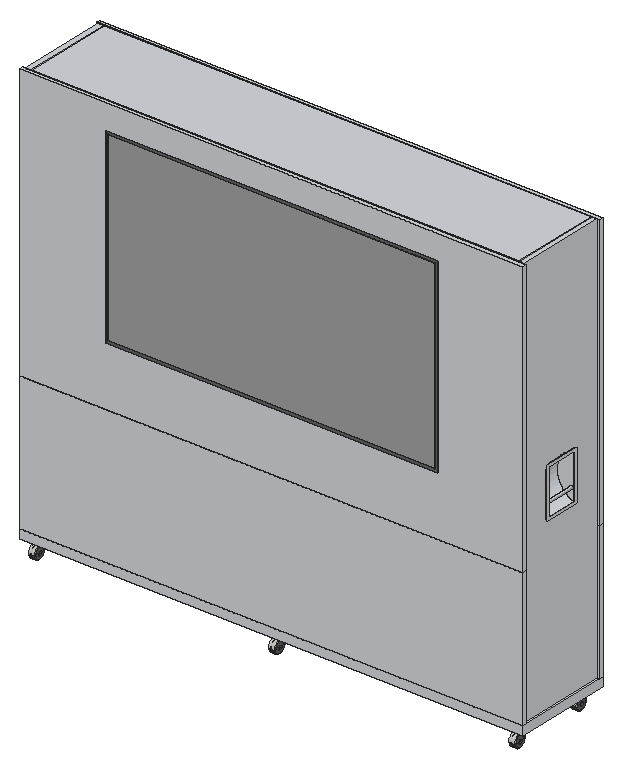
Revit family "AV Divider 1200", category Generic Models, Revit 2023
Family settings
  Can host rebar = No
  Round Connector Dimension = Use Diameter
  Part Type = Normal
  Work Plane-Based = No
  Always vertical = Yes
  Cut with Voids When Loaded = No
  Maintain Annotation Orientation = No
  Shared = No
  Room Calculation Point = No
Parameters (values of type "ThinkingWall® AV Divider")
  URL = "https://www.logovisual.com/product/whiteboards/thinkingwall/dividers/thinkingwall-av-divider/"
  TV Width = 1450 mm
  TV Position Top = 110 mm
  TV Position = 1100 mm
  TV Height = 830 mm
  Model = "ThinkingWall® AV Divider"
  Manufacturer = "Logovisual LTD"
  End Panel Colours = none
  Description = "Double sided mobile whiteboard wall with large screen and connecting AV equipment. Part of the ThinkingWall® range for flexible breakout and meeting spaces."
  Default Elevation = 0 mm
Reference planes
  plane 1 "Center (Front/Back)": y = 0
  plane 2: z = 0
  plane 3 "Center (Left/Right)": x = 0
  plane 4: y = 217.5
  plane 5: x = 2200
  plane 6: y = -217.5
  plane 7: x = 1100
  plane 8: z = 71.5
  plane 9 "a": z = 111.5
  plane 10: z = 1911.5
  plane 11: y = 200
  plane 12: y = -200
  plane 13: x = 60
  plane 14: x = 2166
  plane 15: z = 711.5
  plane 16: x = 10
  plane 17: x = 2190
  plane 18: z = 1893.5
  plane 19: z = 850
  plane 20: z = 1801.5
  plane 21: y = 130
  plane 22: y = -130
  plane 23: x = 375
  plane 24: x = 1825
  plane 25: z = 971.5
  plane 26: z = 1055
  plane 27: z = 1117.252
  plane 28: z = 657.252
  plane 29: x = 1100
  plane 30: x = 34
Forms (mm)
  Extrusion 1, solid
    sketch origin (-511.407, -1524, 71.5) x (-1, 0, 0) y (0, -1, 0)
      loop
        line (-511.407, -1741.5) -> (-511.407, -1306.5) -> (-2711.407, -1306.5) -> (-2711.407, -1741.5) -> (-511.407, -1741.5)
    from 0 to 40
  Extrusion 2, solid
    sketch origin (-511.407, -1524, 111.5) x (-1, 0, 0) y (0, -1, 0)
      loop
        line (-511.407, -1741.5) -> (-511.407, -1724) -> (-2711.407, -1724) -> (-2711.407, -1741.5) -> (-511.407, -1741.5)
    from 0 to 600
  Extrusion 3, solid, material <- "End Panel Colours"
    sketch origin (-511.407, -1524, 111.5) x (-1, 0, 0) y (0, -1, 0)
      loop
        line (-521.407, -1724) -> (-521.407, -1324) -> (-545.407, -1324) -> (-545.407, -1724) -> (-521.407, -1724)
    from 0 to 1800
  Extrusion 4, solid, material <- "End Panel Colours"
    sketch origin (-511.407, -1524, 111.5) x (-1, 0, 0) y (0, -1, 0)
      loop
        line (-2701.407, -1724) -> (-2677.407, -1724) -> (-2677.407, -1324) -> (-2701.407, -1324) -> (-2701.407, -1724)
    from 0 to 1800
  Extrusion 5, solid
    sketch origin (-511.407, -1524, 111.5) x (-1, 0, 0) y (0, -1, 0)
      loop
        line (-511.407, -1324) -> (-511.407, -1306.5) -> (-2711.407, -1306.5) -> (-2711.407, -1324) -> (-511.407, -1324)
    from 0 to 600
  Extrusion 6, solid
    sketch origin (-511.407, -1524, 711.5) x (-1, 0, 0) y (0, -1, 0)
      loop
        line (-511.407, -1741.5) -> (-511.407, -1724) -> (-2711.407, -1724) -> (-2711.407, -1741.5) -> (-511.407, -1741.5)
    from 0 to 1200
  Extrusion 7, solid
    sketch origin (-511.407, 1524, 711.5) x (-1, 0, 0) y (0, -1, 0)
      loop
        line (-511.407, 1741.5) -> (-2711.407, 1741.5) -> (-2711.407, 1724) -> (-511.407, 1724) -> (-511.407, 1741.5)
    from 0 to 1200
  Extrusion 8, solid
    sketch origin (-511.407, -1524, 111.5) x (-1, 0, 0) y (0, -1, 0)
      loop
        line (-545.407, -1724) -> (-545.407, -1324) -> (-2677.407, -1324) -> (-2677.407, -1724) -> (-545.407, -1724)
    from 1782 to 1800
  Extrusion 9, void
    sketch origin (0, 0, 0) x (0, 1, 0) y (0, 0, 1)
      loop
        line (130, 1117.252) -> (-130, 1117.252) -> (-130, 657.252) -> (130, 657.252) -> (130, 1117.252)
    from 10 to 108.105
  Extrusion 10, void
    sketch origin (2190, 448.47, 1200) x (0, -1, 0) y (0, 0, -1)
      loop
        line (529.97, 140) -> (529.97, 350) -> (366.97, 350) -> (366.97, 140) -> (529.97, 140)
    from 0 to -200
  Extrusion 11, void
    sketch origin (-1733.033, -217.5, 1200) x (1, 0, 0) y (0, 0, -1)
      loop
        line (2108.033, -601.5) -> (3558.033, -601.5) -> (3558.033, 228.5) -> (2108.033, 228.5) -> (2108.033, -601.5)
    from 0 to 100
Cuts and joins
  Extrusion 9, Extrusion 10 cuts Extrusion 3
  Extrusion 10 cuts Extrusion 4
  Extrusion 11 cuts Extrusion 7
Dimensions and locks
  equal spacing: plane 4, plane 1 "Center (Front/Back)", plane 6
  plane 4 to plane 6 = 435 mm
  plane 3 "Center (Left/Right)" to plane 5 = 2200 mm
  locked: plane 3 "Center (Left/Right)" to nested 1 at 50
  locked: plane 4 to nested 1 at 50
  equal spacing: plane 3 "Center (Left/Right)", plane 7, plane 5
  locked: plane 4 to nested 2 at 50
  locked: nested 2 to plane 5 at 50
  locked: nested 4 to plane 5 at 50
  locked: plane 3 "Center (Left/Right)" to nested 3 at 50
  locked: plane 6 to nested 3 at 50
  locked: plane 6 to nested 4 at 50
  locked: plane 8 to level at 71.5
  plane 9 "a" to plane 8 = 40 mm
  plane 10 to level = 1911.5 mm
  locked: plane 4 to plane 11 at 17.5
  locked: plane 6 to plane 12 at 17.5
  locked: plane 16 to plane 13 at 50
  locked: plane 14 to plane 17 at 24
  plane 15 to plane 9 "a" = 600 mm
  locked: plane 3 "Center (Left/Right)" to plane 16 at 10
  locked: plane 17 to plane 5 at 10
  locked: plane 10 to plane 18 at 18
  locked: plane 4 to nested 5 at 50
  locked: plane 6 to nested 6 at 50
  locked: plane 19 to level at 850
  "TV Position Top": plane 10 to plane 20
  plane 26 to level = 1055 mm
  equal spacing: plane 21, plane 1 "Center (Front/Back)", plane 22
  plane 21 to plane 22 = 260 mm
  locked: nested 10 to plane 8 at 70
  plane 10 to plane 15 = 1200 mm
  "TV Height": plane 20 to plane 25
  equal spacing: plane 23, plane 29, plane 24
  "TV Width": plane 23 to plane 24
  plane 27 to plane 26 to plane 28 = 62.252 mm locked, 397.748 mm locked
  "TV Position": plane 29 to plane 3 "Center (Left/Right)"
  locked: plane 16 to plane 30 at 24
  aligned and locked: level to plane 2
  aligned and locked: Extrusion 1 sketch curve to plane 4
  aligned and locked: plane 3 "Center (Left/Right)" to Extrusion 1 sketch curve
  aligned and locked: Extrusion 1 sketch curve to plane 6
  aligned and locked: Extrusion 1 sketch curve to plane 5
  aligned and locked: Extrusion 1 to plane 8
  aligned and locked: Extrusion 1 to plane 9 "a"
  aligned and locked: Extrusion 2 sketch curve to plane 4
  aligned and locked: plane 3 "Center (Left/Right)" to Extrusion 2 sketch curve
  aligned and locked: Extrusion 2 sketch curve to plane 5
  aligned and locked: Extrusion 2 sketch curve to plane 11
  aligned and locked: Extrusion 2 to Extrusion 3 sketch curve
  aligned and locked: Extrusion 4 sketch curve to Extrusion 2
  aligned and locked: plane 12 to Extrusion 4 sketch curve
  aligned and locked: plane 14 to Extrusion 4 sketch curve
  aligned and locked: plane 12 to Extrusion 5 sketch curve
  aligned and locked: Extrusion 5 sketch curve to Extrusion 1  (x2)
  aligned and locked: plane 15 to Extrusion 2
  aligned and locked: plane 12 to Extrusion 3
  aligned and locked: Extrusion 5 to plane 3 "Center (Left/Right)"
  aligned and locked: Extrusion 4 to plane 17
  aligned and locked: Extrusion 6 sketch curve to Extrusion 1  (x2)
  aligned and locked: Extrusion 6 sketch curve to plane 11
  aligned and locked: Extrusion 6 sketch curve to plane 5
  aligned and locked: Extrusion 6 to plane 15
  aligned and locked: plane 10 to Extrusion 6
  aligned and locked: Extrusion 7 sketch curve to plane 12
  aligned and locked: plane 6 to Extrusion 7 sketch curve
  aligned and locked: Extrusion 7 sketch curve to plane 3 "Center (Left/Right)"
  aligned and locked: plane 5 to Extrusion 7 sketch curve
  aligned and locked: Extrusion 3 to Extrusion 8 sketch curve
  aligned and locked: Extrusion 8 sketch curve to Extrusion 4  (x2)
  aligned and locked: Extrusion 8 to plane 18
  aligned and locked: plane 10 to Extrusion 8
  aligned and locked: plane 7 to nested 6
  aligned and locked: plane 7 to nested 5
  aligned and locked: plane 10 to Extrusion 7
  aligned and locked: plane 10 to Extrusion 3
  aligned and locked: plane 10 to Extrusion 4
  aligned and locked: Extrusion 3 to Extrusion 9
  aligned and locked: nested 7 to plane 19
  aligned and locked: nested 7 to plane 1 "Center (Front/Back)"
  aligned and locked: Extrusion 10 to plane 17
  aligned and locked: plane 17 to nested 7
  aligned and locked: plane 6 to nested 8
  aligned and locked: plane 20 to nested 8
  aligned and locked: Extrusion 11 sketch curve to nested 8  (x2)
  aligned and locked: Extrusion 11 sketch curve to plane 20
  aligned and locked: plane 22 to Extrusion 9 sketch curve
  aligned and locked: plane 21 to Extrusion 9 sketch curve
  aligned and locked: plane 19 to Extrusion 10 sketch curve
  aligned and locked: Extrusion 10 sketch curve to nested 7
  aligned and locked: plane 1 "Center (Front/Back)" to nested 9
  aligned and locked: plane 1 "Center (Front/Back)" to nested 10
  aligned and locked: nested 10 to plane 3 "Center (Left/Right)"
  aligned and locked: plane 15 to Extrusion 5
  aligned and locked: plane 26 to nested 9
  aligned and locked: plane 28 to cut or joined group of Extrusion 3, Extrusion 9, Extrusion 10
  aligned and locked: plane 27 to cut or joined group of Extrusion 3, Extrusion 9, Extrusion 10
  aligned and locked: plane 29 to nested 8
  aligned and locked: Extrusion 11 sketch curve to plane 24
  aligned and locked: Extrusion 3 sketch curve to plane 30
  aligned and locked: plane 30 to Extrusion 8 sketch curve
Automatic sketch dimensions
  plane 12 to Extrusion 3 sketch curve = 0 mm
  Extrusion 3 sketch curve to plane 16 = 0 mm
  Extrusion 4 sketch curve to plane 17 = 0 mm
  Extrusion 5 sketch curve to plane 3 "Center (Left/Right)" = 0 mm
  plane 1 "Center (Front/Back)" to Extrusion 10 sketch curve = 81.5 mm
  Extrusion 10 sketch curve to plane 1 "Center (Front/Back)" = 81.5 mm
  Extrusion 9 sketch curve to plane 15 = 54.248 mm
  Extrusion 9 sketch curve to plane 26 = 62.252 mm
Nested families
  nested 1: "50mm_Caster_Wheel 2" at (50, 167.5, 0) x (0, 1, 0) z (0, 0, 1), type "50mm_Caster_Wheel 2"
  nested 2: "50mm_Caster_Wheel 2" at (2150, 167.5, 0) x (0, 1, 0) z (0, 0, 1), type "50mm_Caster_Wheel 2"
  nested 3: "50mm_Caster_Wheel 2" at (50, -167.5, 0) x (0, 1, 0) z (0, 0, 1), type "50mm_Caster_Wheel 2"
  nested 4: "50mm_Caster_Wheel 2" at (2150, -167.5, 0) x (0, 1, 0) z (0, 0, 1), type "50mm_Caster_Wheel 2"
  nested 5: "50mm_Caster_Wheel 2" at (1100, 167.5, 0) x (0, 1, 0) z (0, 0, 1), type "50mm_Caster_Wheel 2"
  nested 6: "50mm_Caster_Wheel 2" at (1100, -167.5, 0) x (0, 1, 0) z (0, 0, 1), type "50mm_Caster_Wheel 2"
  nested 7: "handle" at (2190, 0, 850) x (0, -1, 0) z (0, 0, 1), type "handle"
  nested 8: "TV" at (1100, -207.5, 971.5), type "TV"
    with Width 1450 mm, Height 830 mm
  nested 9: "AV" at (60, 0, 657.252) x (0, -1, 0) z (0, 0, 1), type "AV"
  nested 10: "Weiland Power Input" at (0, 0, 141.5) x (0, -1, 0) z (0, 0, 1), type "Weiland Power Input"
Definition of nested family "50mm_Caster_Wheel 2"
  Parameters (values of type "50mm_Caster_Wheel 2")
    Default Elevation = 0 mm
  Reference planes
    plane 1 "Center (Front/Back)": y = 0
    plane 2: z = 0
    plane 3 "Center (Left/Right)": x = 0
    plane 4 "VWhlCntr": x = -22
    plane 5 "WhlCntr": z = 25
    plane 6: z = 56.73
    plane 7: z = 55.23
  Forms (mm)
    Revolve 1, solid
      sketch origin (0, 0, 25) x (-1, 0, 0) y (0, -1, 0)
        loop
          line (45.5, 13.5) -> (29.872, 13.5) -> (30.032, 14.411)
          arc (30.032, 14.411) -> (29.873, 15.004) -> (29.317, 15.263) r 0.727
          line (29.317, 15.263) -> (22, 15.263) -> (22, 4.169) -> (47, 4.169) -> (47, 12)
          arc (47, 12) -> (46.561, 13.061) -> (45.5, 13.5) r 1.5
        loop
          arc (45.5, -13.5) -> (46.561, -13.061) -> (47, -12) r 1.5
          line (47, -12) -> (47, -4.169) -> (22, -4.169) -> (22, -15.263) -> (29.317, -15.263)
          arc (29.317, -15.263) -> (29.873, -15.004) -> (30.032, -14.411) r 0.727
          line (30.032, -14.411) -> (29.872, -13.5) -> (45.5, -13.5)
        axis (22, 15.263) -> (22, -15.263)
      angle from 0 to 360
    Revolve 2, solid
      sketch origin (0, 0, 25) x (-1, 0, 0) y (0, -1, 0)
        loop
          line (22, 3.174) -> (33.047, 3.174)
          arc (33.047, 3.174) -> (32.755, 3.878) -> (32.052, 4.169) r 0.995
          line (32.052, 4.169) -> (22, 4.169) -> (22, 3.174)
        loop
          line (22, -3.174) -> (22, -4.169) -> (32.052, -4.169)
          arc (32.052, -4.169) -> (32.755, -3.878) -> (33.047, -3.174) r 0.995
          line (33.047, -3.174) -> (22, -3.174)
        axis (22, 4.169) -> (22, -4.169)
      angle from 0 to 360
    Revolve 3, solid
      sketch origin (0, 0, 0) x (1, 0, 0) y (0, 0, 1)
        loop
          line (0, 60) -> (21.525, 60) -> (21.525, 62.198)
          arc (21.525, 62.198) -> (20.577, 63.345) -> (19.43, 64.292) r 7.866
          arc (19.43, 64.292) -> (16.996, 68.264) -> (12.416, 67.416) r 4.113
          line (12.416, 67.416) -> (10, 65) -> (10, 70) -> (0, 70) -> (0, 60)
        axis (0, 60) -> (0, 70)
      angle from 0 to 360
    Extrusion 4, solid
      sketch origin (0, 0, 0) x (1, 0, 0) y (0, 0, 1)
        loop
          circle (-22, 25) r 2.964
      from -12.5 to 12.5
    Extrusion 5, solid
      sketch origin (0, 0, 70) x (1, 0, 0) y (0, 1, 0)
        loop
          line (-25, 25) -> (-25, -25) -> (25, -25) -> (25, 25) -> (-25, 25)
      from 0 to 1.5
    Extrusion 6, solid
      sketch origin (0, 0, 0) x (1, 0, 0) y (0, 0, 1)
        loop
          line (-49.398, 25.312) -> (-47.348, 25.312)
          arc (-47.348, 25.312) -> (-22.059, 50.601) -> (3.229, 25.313) r 25.288
          line (3.229, 25.313) -> (5.279, 25.313)
          arc (5.279, 25.313) -> (-22.059, 52.651) -> (-49.398, 25.312) r 27.339
      from -13.5 to 13.5
    Extrusion 7, solid
      sketch origin (0, 0, 0) x (1, 0, 0) y (0, 0, 1)
        loop
          arc (-22.059, 52.651) -> (-2.728, 44.644) -> (5.279, 25.312) r 27.339
          line (5.279, 25.312) -> (5.279, 60) -> (-22.059, 60) -> (-22.059, 52.651)
      from -13.5 to 13.5
  Dimensions and locks
    plane 3 "Center (Left/Right)" to plane 4 "VWhlCntr" = 22 mm
    Revolve 3 to level = 70 mm
    Revolve 3 to plane 2 = 70 mm
    diameter of Revolve 1 = 50 mm
    aligned and locked: level to plane 2
Definition of nested family "handle"
  Parameters (values of type "handle")
    Handle Material = none
    Default Elevation = 0 mm
  Reference planes
    plane 1 "Center (Front/Back)": y = 0
    plane 2: z = 0
    plane 3 "Center (Left/Right)": x = 0
    plane 4: z = 220
    plane 5: x = -81.5
    plane 6: x = 81.5
    plane 7: x = -71.5
    plane 8: z = 210
    plane 9: z = 10
    plane 10: z = 110
    plane 11: x = 71.5
    plane 12: z = 62
  Forms (mm)
    Extrusion 1, solid, material <- "Handle Material"
      sketch origin (0, 0, 0) x (1, 0, 0) y (0, 0, 1)
        loop
          arc (-74.5, 220) -> (-79.45, 217.95) -> (-81.5, 213) r 7
          line (-81.5, 213) -> (-81.5, 7)
          arc (-81.5, 7) -> (-79.45, 2.05) -> (-74.5, 0) r 7
          line (-74.5, 0) -> (74.5, 0)
          arc (74.5, 0) -> (79.45, 2.05) -> (81.5, 7) r 7
          line (81.5, 7) -> (81.5, 213)
          arc (81.5, 213) -> (79.45, 217.95) -> (74.5, 220) r 7
          line (74.5, 220) -> (-74.5, 220)
        loop
          line (-71.5, 210) -> (-71.5, 10) -> (71.5, 10) -> (71.5, 210) -> (-71.5, 210)
      from 0 to 5
    Extrusion 2, solid, material <- "Handle Material"
      sketch origin (0, 0, 0) x (0, 1, 0) y (0, 0, 1)
        loop
          arc (0, 210) -> (73.091, 110) -> (0, 10) r 104.953
          line (0, 10) -> (0, 0.472) -> (3.036, 0.472)
          arc (3.036, 0.472) -> (83.091, 110) -> (3.036, 219.528) r 114.953
          line (3.036, 219.528) -> (0, 219.528) -> (0, 210)
      from -71.5 to 71.5
    Extrusion 3, solid, material <- "Handle Material"
      sketch origin (-71.5, -1524, 343.23) x (0, 0, 1) y (0, -1, 0)
        loop
          line (-133.23, -1524) -> (-333.23, -1524)
          arc (-333.23, -1524) -> (-233.23, -1597.091) -> (-133.23, -1524) r 104.953
      from -10 to 0
    Extrusion 4, solid, material <- "Handle Material"
      sketch origin (71.5, -1524, 343.23) x (0, 0, 1) y (0, 1, 0)
        loop
          arc (-133.23, 1524) -> (-233.23, 1597.091) -> (-333.23, 1524) r 104.953
          line (-333.23, 1524) -> (-133.23, 1524)
      from -10 to 0
    Sweep 5, solid, material <- "Handle Material"
      path origin (0, 0, 0) x (1, 0, 0) y (0, 0, 1)
        loop
          line (-71.5, 62) -> (71.5, 62)
      profile origin (0, 0, 62) x (0, 0, 1) y (0, -1, 0)
        loop
          circle (0, -7.974) r 5
  Dimensions and locks
    equal spacing: plane 5, plane 3 "Center (Left/Right)", plane 6
    locked: plane 6 to plane 5 at 163
    locked: plane 4 to level at 220
    equal spacing: plane 4, plane 10, level
    locked: plane 4 to plane 8 at 10
    locked: plane 9 to level at 10
    locked: plane 7 to plane 5 at 10
    locked: plane 11 to plane 6 at 10
    plane 12 to level = 62 mm
    radius of Extrusion 1 sketch curve = 7 mm  (x4)
    aligned and locked: level to plane 2
    aligned and locked: Extrusion 1 sketch curve to plane 4
    aligned and locked: plane 5 to Extrusion 1 sketch curve
    aligned and locked: plane 2 to Extrusion 1 sketch curve
    aligned and locked: plane 6 to Extrusion 1 sketch curve
    aligned and locked: Extrusion 1 sketch curve to plane 8
    aligned and locked: plane 7 to Extrusion 1 sketch curve
    aligned and locked: plane 9 to Extrusion 1 sketch curve
    aligned and locked: plane 11 to Extrusion 1 sketch curve
    aligned and locked: Extrusion 2 to plane 7
    aligned and locked: Extrusion 2 to plane 11
    aligned and locked: plane 7 to Extrusion 3
    aligned and locked: Extrusion 3 to plane 5
    aligned and locked: plane 11 to Extrusion 4
    aligned and locked: Extrusion 4 to plane 6
    aligned and locked: Sweep 5 sketch curve to plane 12
    aligned and locked: plane 7 to Sweep 5 sketch curve
    aligned and locked: plane 11 to Sweep 5 sketch curve
  Automatic sketch dimensions
    Extrusion 2 sketch curve to Extrusion 2 sketch curve = 0 mm  (x2)
    Extrusion 2 sketch curve to plane 10 = 0 mm
    Extrusion 2 sketch curve to plane 1 "Center (Front/Back)" = 0 mm  (x2)
    Extrusion 2 sketch curve to plane 9 = 0 mm
    plane 1 "Center (Front/Back)" to Extrusion 2 sketch curve = 31.863 mm
    Extrusion 2 sketch curve to plane 4 = 0.472 mm
    Extrusion 2 sketch curve to plane 1 "Center (Front/Back)" = 3.036 mm
    level to Extrusion 2 sketch curve = 0.472 mm
    Extrusion 3 sketch curve to plane 1 "Center (Front/Back)" = 0 mm
    Extrusion 3 sketch curve to plane 9 = 0 mm
    Extrusion 3 sketch curve to plane 10 = 0 mm
    plane 1 "Center (Front/Back)" to Extrusion 3 sketch curve = 31.863 mm
    Extrusion 4 sketch curve to plane 1 "Center (Front/Back)" = 0 mm
    Extrusion 4 sketch curve to plane 9 = 0 mm
    Extrusion 4 sketch curve to plane 10 = 0 mm
    plane 1 "Center (Front/Back)" to Extrusion 4 sketch curve = 31.863 mm
    Sweep 5 sketch curve to plane 1 "Center (Front/Back)" = 7.974 mm
    profile plane to Sweep 5 sketch curve = 0 mm
    radius of Sweep 5 sketch curve = 5 mm
Definition of nested family "TV"
  Parameters (values of type "TV")
    Width = 965 mm
    Screen = none
    Height = 565 mm
    Depth = 10 mm
    Default Elevation = 0 mm
    Boarder = 10 mm
  Reference planes
    plane 1 "Center (Front/Back)": y = 0
    plane 2: z = 0
    plane 3 "Center (Left/Right)": x = 0
    plane 4: x = -482.5
    plane 5: x = 482.5
    plane 6: z = 565
    plane 7: z = 555
    plane 8: x = -472.5
    plane 9: x = 472.5
    plane 10: z = 10
    plane 11: y = -5
    plane 12: y = -10
    plane 13: z = 282.5
  Forms (mm)
    Extrusion 1, solid
      sketch origin (0, 0, 0) x (1, 0, 0) y (0, 0, 1)
        loop
          line (-482.5, 565) -> (-482.5, 0) -> (482.5, 0) -> (482.5, 565) -> (-482.5, 565)
        loop
          line (-472.5, 555) -> (-472.5, 10) -> (472.5, 10) -> (472.5, 555) -> (-472.5, 555)
      from 0 to 10
    Extrusion 2, solid
      sketch origin (0, 0, 0) x (1, 0, 0) y (0, 0, 1)
        loop
          line (-472.5, 555) -> (-472.5, 10) -> (472.5, 10) -> (472.5, 555) -> (-472.5, 555)
      from 0 to 5
    Extrusion 3, solid, material <- "Screen"
      sketch origin (0, 0, 0) x (1, 0, 0) y (0, 0, 1)
        loop
          line (-472.5, 555) -> (-472.5, 10) -> (472.5, 10) -> (472.5, 555) -> (-472.5, 555)
      from 5 to 10
  Dimensions and locks
    equal spacing: plane 5, plane 3 "Center (Left/Right)", plane 4
    "Width": plane 5 to plane 4
    "Height": plane 6 to level
    "Boarder": plane 8 to plane 4
    "Boarder": plane 5 to plane 9
    "Boarder": plane 6 to plane 7
    "Boarder": plane 10 to level
    equal spacing: plane 6, plane 13, level
    equal spacing: plane 1 "Center (Front/Back)", plane 11, plane 12
    "Depth": plane 1 "Center (Front/Back)" to plane 12
    aligned and locked: level to plane 2
    aligned and locked: Extrusion 1 sketch curve to plane 6
    aligned and locked: plane 4 to Extrusion 1 sketch curve
    aligned and locked: plane 2 to Extrusion 1 sketch curve
    aligned and locked: Extrusion 1 sketch curve to plane 5
    aligned and locked: Extrusion 1 sketch curve to plane 7
    aligned and locked: plane 8 to Extrusion 1 sketch curve
    aligned and locked: plane 10 to Extrusion 1 sketch curve
    aligned and locked: Extrusion 1 sketch curve to plane 9
    aligned and locked: Extrusion 2 sketch curve to Extrusion 1  (x4)
    aligned and locked: Extrusion 2 to plane 11
    aligned and locked: Extrusion 2 to plane 1 "Center (Front/Back)"
    aligned and locked: Extrusion 3 sketch curve to Extrusion 2  (x4)
    aligned and locked: plane 11 to Extrusion 3
    aligned and locked: Extrusion 3 to plane 12
    aligned and locked: Extrusion 1 to plane 12
Definition of nested family "AV"
  Parameters (values of type "AV")
    Shelf = none
    Handle Material = none
    Electric Board = none
    Default Elevation = 0 mm
  Reference planes
    plane 1 "Center (Front/Back)": y = 0
    plane 2: z = 0
    plane 3 "Center (Left/Right)": x = 0
    plane 4: z = 460
    plane 5: x = -130
    plane 6: x = 130
    plane 7: z = 230
    plane 8: z = 335
    plane 9: x = -126
    plane 10: x = 126
    plane 11: z = 397.748
    plane 12: y = -50
  Forms (mm)
    Extrusion 1, solid, material <- "Shelf"
      sketch origin (0, -50, 555.659) x (0, 0, 1) y (-1, 0, 0)
        loop
          line (-220.659, 126) -> (-555.659, 126) -> (-555.659, -126) -> (-220.659, -126) -> (-220.659, 126)
        loop
          circle (-388.159, 0) r 15
      from 0 to -24
    Extrusion 2, solid, material <- "Electric Board"
      sketch origin (0, 0, 0) x (1, 0, 0) y (0, 0, 1)
        loop
          line (-126, 460) -> (-126, 335) -> (126, 335) -> (126, 460) -> (-126, 460)
        loop
          circle (-70.906, 397.748) r 20
        loop
          circle (0, 410.248) r 5
        loop
          circle (0, 385.248) r 5
        loop
          circle (70.906, 397.748) r 20
      from -24.818 to 0
    Extrusion 3, solid
      sketch origin (0, 0, 0) x (1, 0, 0) y (0, 0, 1)
        loop
          circle (-70.906, 397.748) r 20
        loop
          circle (0, 385.248) r 5
        loop
          circle (0, 410.248) r 5
        loop
          circle (70.906, 397.748) r 20
      from 0 to 1
  Dimensions and locks
    equal spacing: plane 5, plane 3 "Center (Left/Right)", plane 6
    locked: plane 6 to plane 5 at 260
    locked: plane 4 to level at 460
    equal spacing: plane 4, plane 7, level
    plane 8 to level = 335 mm
    locked: plane 9 to plane 5 at 4
    locked: plane 10 to plane 6 at 4
    plane 1 "Center (Front/Back)" to plane 12 = 50 mm
    locked: plane 11 to level at 397.748
    aligned and locked: level to plane 2
    aligned and locked: plane 2 to Extrusion 1 sketch curve
    aligned and locked: Extrusion 1 to plane 10
    aligned and locked: Extrusion 2 sketch curve to plane 4
    aligned and locked: plane 9 to Extrusion 2 sketch curve
    aligned and locked: Extrusion 2 sketch curve to Extrusion 1
    aligned and locked: Extrusion 2 to plane 8
    aligned and locked: plane 12 to Extrusion 1
    aligned and locked: plane 8 to Extrusion 1
  Automatic sketch dimensions
    Extrusion 2 sketch curve to plane 3 "Center (Left/Right)" = 0 mm  (x2)
    plane 9 to Extrusion 2 sketch curve = 55.094 mm
    plane 10 to Extrusion 2 sketch curve = 55.094 mm
    plane 8 to Extrusion 2 sketch curve = 50.248 mm
    Extrusion 2 sketch curve to plane 4 = 62.252 mm  (x2)
    Extrusion 2 sketch curve to Extrusion 2 sketch curve = 25 mm
    plane 9 to Extrusion 3 sketch curve = 55.094 mm
    Extrusion 3 sketch curve to plane 4 = 62.252 mm  (x2)
    Extrusion 3 sketch curve to Extrusion 3 sketch curve = 20 mm  (x2)
    Extrusion 3 sketch curve to plane 3 "Center (Left/Right)" = 0 mm  (x2)
    plane 8 to Extrusion 3 sketch curve = 50.248 mm
    Extrusion 3 sketch curve to Extrusion 3 sketch curve = 5 mm  (x2)
    Extrusion 3 sketch curve to Extrusion 3 sketch curve = 25 mm
    Extrusion 3 sketch curve to Extrusion 3 sketch curve = 0 mm  (x2)
    plane 10 to Extrusion 3 sketch curve = 55.094 mm
    Extrusion 2 sketch curve to plane 8 = 0 mm
    Extrusion 1 sketch curve to plane 3 "Center (Left/Right)" = 0 mm
    plane 10 to Extrusion 1 sketch curve = 0 mm
    Extrusion 1 sketch curve to plane 9 = 0 mm
    Extrusion 1 sketch curve to plane 7 = 62.5 mm
    Extrusion 1 sketch curve to plane 8 = 0 mm
    radius of Extrusion 2 sketch curve = 20 mm  (x2)
    radius of Extrusion 2 sketch curve = 5 mm  (x2)
    radius of Extrusion 1 sketch curve = 15 mm
Definition of nested family "Weiland Power Input"
  Parameters (values of type "Weiland Power Input")
    Default Elevation = 0 mm
  Reference planes
    plane 1 "Center (Front/Back)": y = 0
    plane 2: z = 0
    plane 3 "Center (Left/Right)": x = 0
    plane 4: x = -32
    plane 5: z = 64
    plane 6: x = 32
  Forms (mm)
    Extrusion 1, solid
      sketch origin (0, 0, -365.748) x (1, 0, 0) y (0, 0, 1)
        loop
          circle (0, 397.748) r 32
      from 0 to 1
  Dimensions and locks
    aligned and locked: level to plane 2
